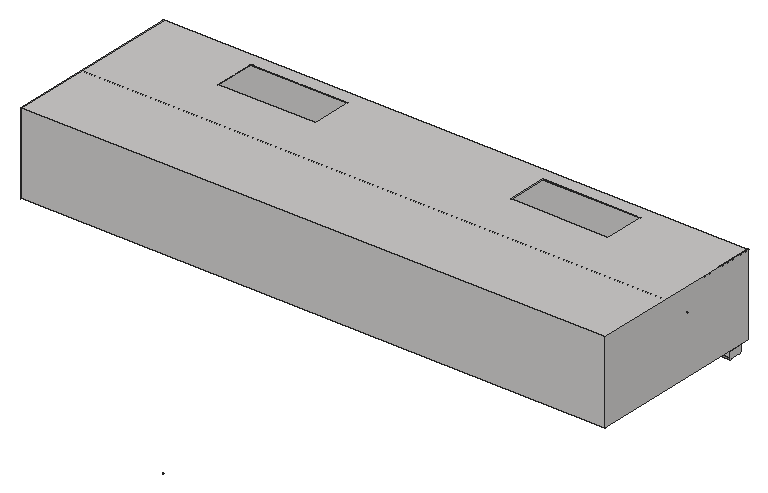
Revit family "QF_ELECTROLUXPROFESSIONAL_642021_EP1136T", category Specialty Equipment, Revit 2014
Reference planes
  plane 1 "Center (Front/Back)": y = 0
  plane 2: z = 0
  plane 3 "Center (Left/Right)": x = 150
  plane 4 "LEFT": x = -1650
  plane 5 "RIGHT": x = 1950
  plane 6 "BACK": y = 550
  plane 7 "FRONT": y = -550
  plane 8 "TOP": z = 2500
  plane 9 "Base": z = 2000
  plane 10: z = 1926
  plane 11 "DrainY": y = 485
  plane 12: x = -1647
  plane 13: through (0, 414.509, 2000.8) normal (0, 0.7314, 0.682)
  plane 14: y = 470
  plane 15: y = 220
  plane 16 "DrainX": x = 1830
  plane 17: x = -450
  plane 18: x = 750
  plane 19: x = -1050
  plane 20: x = 1350
  plane 21: x = 1947
  plane 22: x = 1740
  plane 23: x = 1920
  plane 24: x = -1610
  plane 25: x = -1245
  plane 26: x = -850
  plane 27: x = 1910
  plane 28: x = 1545
  plane 29: x = 1150
  plane 30: x = -47.5
  plane 31: x = 347.5
Forms (mm)
  Extrusion 1, solid, material "QF_Finishes_Stainless Steel"
    sketch origin (-1650, 0, 360) x (0, 1, 0) y (0, 0, 1)
      loop
        line (550, 1640) -> (550, 2140) -> (-550, 2140) -> (-550, 1640) -> (550, 1640)
    from 0 to 3
  Extrusion 2, solid, material "QF_Finishes_Stainless Steel"
    sketch origin (150, 0, 360) x (0, 1, 0) y (0, 0, 1)
      loop
        line (415.255, 1640) -> (550, 1640) -> (550, 2139.19) -> (549.2, 2139.19) -> (549.2, 1640.8) -> (415.876, 1640.8) -> (339.347, 1722.867) -> (349.609, 1732.436) -> (348.927, 1733.167) -> (337.934, 1722.917) -> (415.255, 1640)
      loop
        line (-82.203, 2139.19) -> (-82.203, 2118.6) -> (-31.047, 2118.6) -> (34.354, 2048.466) -> (46.028, 2059.352) -> (45.346, 2060.083) -> (34.403, 2049.879) -> (-30.612, 2119.6) -> (-81.203, 2119.6) -> (-81.203, 2139.19) -> (-82.203, 2139.19)
    from -1797 to 1797
  Extrusion 3, solid, material "QF_Finishes_Stainless Steel"
    sketch origin (1950, 0, 360) x (0, 1, 0) y (0, 0, 1)
      loop
        line (550, 1640) -> (550, 2140) -> (-550, 2140) -> (-550, 1640) -> (550, 1640)
    from 0 to -3
  Extrusion 4, solid, material "QF_Finishes_Stainless Steel"
    sketch origin (150, 0, 360) x (0, 1, 0) y (0, 0, 1)
      loop
        line (-550, 2140) -> (-550, 1640) -> (-549.2, 1640) -> (-549.2, 2139.19) -> (550, 2139.19) -> (550, 2140) -> (-550, 2140)
    from -1800 to 1800
  Extrusion 5, solid, material "QF_Finishes_Stainless Steel"
    sketch origin (150, 0, 360) x (0, 1, 0) y (0, 0, 1)
      loop
        line (534, 1640) -> (436, 1640) -> (436, 1627) -> (443.5, 1627) -> (443.5, 1576)
        arc (443.5, 1576) -> (446.429, 1568.929) -> (453.5, 1566) r 10
        line (453.5, 1566) -> (516.5, 1566)
        arc (516.5, 1566) -> (523.571, 1568.929) -> (526.5, 1576) r 10
        line (526.5, 1576) -> (526.5, 1627) -> (534, 1627) -> (534, 1640)
    from 1590 to 1770
  Extrusion 6, solid, material "QF_Finishes_Stainless Steel"
    sketch origin (0, 0, 2000) x (0, 1, 0) y (-1, 0, 0)
      loop
        circle (485, -1830) r 20
    from -76 to -74
  Extrusion 7, solid, material "QF_Finished_Chrome"
    sketch origin (150, 0, 360) x (0, 1, 0) y (0, 0, 1)
      loop
        line (337.934, 1722.917) -> (341.591, 1726.327) -> (38.011, 2051.876) -> (34.354, 2048.466) -> (337.934, 1722.917)
    from -1395 to -1760
  Extrusion 8, solid, material "QF_Finished_Chrome"
    sketch origin (150, 0, 360) x (0, 1, 0) y (0, 0, 1)
      loop
        line (337.934, 1722.917) -> (341.591, 1726.327) -> (38.011, 2051.876) -> (34.354, 2048.466) -> (337.934, 1722.917)
    from -197.5 to -1000
  Extrusion 9, solid, material "QF_Finishes_Stainless Steel"
    sketch origin (150, 0, 360) x (0, 1, 0) y (0, 0, 1)
      loop
        line (337.934, 1722.917) -> (341.591, 1726.327) -> (38.011, 2051.876) -> (34.354, 2048.466) -> (337.934, 1722.917)
    from 1797 to 1760
  Extrusion 10, solid, material "QF_Finishes_Stainless Steel"
    sketch origin (150, 0, 360) x (0, 1, 0) y (0, 0, 1)
      loop
        line (341.588, 1726.324) -> (38.009, 2051.874) -> (34.354, 2048.466) -> (337.934, 1722.917) -> (341.588, 1726.324)
    from -1395 to -1000
  Extrusion 11, solid, material "QF_Finished_Chrome"
    sketch origin (150, 0, 360) x (0, 1, 0) y (0, 0, 1)
      loop
        line (341.588, 1726.324) -> (38.009, 2051.874) -> (34.354, 2048.466) -> (337.934, 1722.917) -> (341.588, 1726.324)
    from 1395 to 1760
  Extrusion 12, void
    sketch origin (0, 0, 2500) x (0, 1, 0) y (-1, 0, 0)
      loop
        line (470, 1050) -> (220, 1050) -> (220, 450) -> (470, 450) -> (470, 1050)
    from 0 to -10
  Extrusion 13, void
    sketch origin (940, 0, 2500) x (0, 1, 0) y (-1, 0, 0)
      loop
        line (470, 190) -> (220, 190) -> (220, -410) -> (470, -410) -> (470, 190)
    from 0 to -10
  Extrusion 14, solid, material "QF_Finishes_Stainless Steel"
    sketch origin (0, 0, 0) x (1, 0, 0) y (0, 1, 0)
      loop
        line (-1650, 550) -> (-1650, 549) -> (-1649, 549) -> (-1649, 550) -> (-1650, 550)
    from 0 to 1
  Extrusion 15, solid, material "QF_Finishes_Stainless Steel"
    sketch origin (150, 0, 360) x (0, 1, 0) y (0, 0, 1)
      loop
        line (337.934, 1722.917) -> (341.591, 1726.327) -> (38.011, 2051.876) -> (34.354, 2048.466) -> (337.934, 1722.917)
    from -1760 to -1797
  Extrusion 16, solid, material "QF_Finishes_Stainless Steel"
    sketch origin (150, 0, 360) x (0, 1, 0) y (0, 0, -1)
      loop
        line (341.588, -1726.324) -> (337.934, -1722.917) -> (34.354, -2048.466) -> (38.009, -2051.874) -> (341.588, -1726.324)
    from -1395 to -1000
  Extrusion 17, solid, material "QF_Finished_Chrome"
    sketch origin (150, 0, 360) x (0, 1, 0) y (0, 0, 1)
      loop
        line (337.934, 1722.917) -> (341.591, 1726.327) -> (38.011, 2051.876) -> (34.354, 2048.466) -> (337.934, 1722.917)
    from 1000 to 197.5
  Extrusion 18, solid, material "QF_Finishes_Stainless Steel"
    sketch origin (150, 0, 360) x (0, 1, 0) y (0, 0, -1)
      loop
        line (341.588, -1726.324) -> (337.934, -1722.917) -> (34.354, -2048.466) -> (38.009, -2051.874) -> (341.588, -1726.324)
    from -197.5 to 197.5
Cuts and joins
  Extrusion 12, Extrusion 13 cuts Extrusion 4
  joined: Extrusion 2, Extrusion 4
Lines and regions (mm)
  reference lines
    curve 1: line (150, 34.354, 2408.466) -> (150, 34.354, 2248.466)
  symbolic lines, style "SpecialityEquipment", detail levels coarse
    curve 2: line (1950, 550, 2500) -> (-1650, 550, 2500)
    curve 3: line (-1650, 550, 2500) -> (-1650, -550, 2500)
    curve 4: line (1950, -550, 2500) -> (1950, 550, 2500)
    curve 5: line (-1650, -550, 2500) -> (1950, -550, 2500)
    curve 6: line (-1050, 220, 2500) -> (-450, 220, 2500)
    curve 7: line (-1050, 470, 2500) -> (-1050, 220, 2500)
    curve 8: line (-450, 470, 2500) -> (-1050, 470, 2500)
    curve 9: line (-450, 220, 2500) -> (-450, 470, 2500)
    curve 10: line (750, 470, 2500) -> (750, 220, 2500)
    curve 11: line (750, 220, 2500) -> (1350, 220, 2500)
    curve 12: line (1350, 470, 2500) -> (750, 470, 2500)
    curve 13: line (1350, 220, 2500) -> (1350, 470, 2500)
    curve 14: line (-1650, 550, 0) -> (1950, -550, 0)
    curve 15: line (1950, 550, 0) -> (-1650, -550, 0)
Dimensions and locks
  plane 4 "LEFT" to plane 5 "RIGHT" = 3600 mm
  equal spacing: plane 4 "LEFT", plane 3 "Center (Left/Right)", plane 5 "RIGHT"
  plane 9 "Base" to plane 10 = 74 mm
  plane 6 "BACK" to plane 11 "DrainY" = 65 mm  (x2)
  plane 4 "LEFT" to plane 12 = 3 mm
  plane 6 "BACK" to plane 14 = 80 mm
  plane 14 to plane 15 = 250 mm  (x2)
  plane 16 "DrainX" to plane 5 "RIGHT" = 120 mm
  locked: plane 17 to plane 18 at 1200
  equal spacing: plane 17, plane 3 "Center (Left/Right)", plane 18
  plane 19 to plane 17 = 600 mm
  plane 18 to plane 20 = 600 mm
  plane 21 to plane 5 "RIGHT" = 3 mm
  locked: plane 22 to plane 16 "DrainX" at 90
  locked: plane 16 "DrainX" to plane 23 at 90
  plane 6 "BACK" to plane 7 "FRONT" = 1100 mm  (x2)
  equal spacing: plane 6 "BACK", plane 1 "Center (Front/Back)", plane 7 "FRONT"
  plane 15 to plane 7 "FRONT" = 770 mm
  plane 14 to plane 6 "BACK" = 80 mm
  locked: plane 4 "LEFT" to plane 24 at 40
  locked: plane 24 to plane 25 at 365
  locked: plane 25 to plane 26 at 395
  locked: plane 27 to plane 28 at 365
  locked: plane 28 to plane 29 at 395
  locked: plane 27 to plane 5 "RIGHT" at 40
  locked: plane 30 to plane 31 at 395
  equal spacing: plane 30, plane 3 "Center (Left/Right)", plane 31
  plane 26 to plane 30 = 802.5 mm
  plane 31 to plane 29 = 802.5 mm
  locked: plane 9 "Base" to level at 2000
  locked: plane 8 "TOP" to plane 9 "Base" at 500
  aligned and locked: level to plane 2
  aligned and locked: Extrusion 2 to Extrusion 1
  aligned and locked: Extrusion 2 to Extrusion 3
  aligned and locked: plane 5 "RIGHT" to Extrusion 4
  aligned and locked: Extrusion 4 to plane 4 "LEFT"
  aligned and locked: plane 21 to Extrusion 9
  aligned and locked: plane 19 to Extrusion 12
  aligned and locked: Extrusion 12 to plane 17
  aligned and locked: Extrusion 12 to plane 15
  aligned and locked: Extrusion 12 to plane 14
  aligned and locked: Extrusion 13 to plane 20
  aligned and locked: plane 18 to Extrusion 13
  aligned and locked: Extrusion 2 to Extrusion 4
  aligned and locked: plane 23 to Extrusion 5
  aligned and locked: Extrusion 5 to plane 22
  aligned and locked: Extrusion 9 to plane 27
  aligned and locked: Extrusion 11 to plane 27
  aligned and locked: Extrusion 11 to plane 28
  aligned and locked: Extrusion 8 to plane 26
  aligned and locked: plane 26 to Extrusion 10
  aligned and locked: Extrusion 10 to plane 25
  aligned and locked: plane 25 to Extrusion 7
  aligned and locked: Extrusion 7 to plane 24
  aligned and locked: Extrusion 15 to plane 12
  aligned and locked: plane 24 to Extrusion 15
  aligned and locked: Extrusion 16 to plane 29
  aligned and locked: Extrusion 16 to plane 28
  aligned and locked: Extrusion 3 to plane 21
  aligned and locked: plane 30 to Extrusion 8
  aligned and locked: Extrusion 17 to plane 29
  aligned and locked: Extrusion 17 to plane 31
  aligned and locked: plane 31 to Extrusion 18
  aligned and locked: Extrusion 18 to plane 30
Automatic sketch dimensions
  curve 5 to plane 4 "LEFT" = 0 mm
  curve 5 to plane 7 "FRONT" = 0 mm
  curve 9 to plane 15 = 0 mm
  curve 10 to plane 15 = 0 mm
  plane 14 to curve 8 = 0 mm
  plane 14 to curve 12 = 0 mm
  curve 3 to plane 6 "BACK" = 0 mm
  curve 5 to plane 5 "RIGHT" = 0 mm
  curve 11 to plane 20 = 0 mm
  curve 10 to plane 18 = 0 mm
  curve 6 to plane 17 = 0 mm
  curve 6 to plane 19 = 0 mm
  Extrusion 1 sketch curve to plane 9 "Base" = 0 mm
  Extrusion 1 sketch curve to plane 6 "BACK" = 0 mm
  Extrusion 1 sketch curve to plane 8 "TOP" = 0 mm
  Extrusion 2 sketch curve to plane 13 = 0 mm  (x3)
  Extrusion 2 sketch curve to plane 9 "Base" = 0 mm
  plane 13 to Extrusion 2 sketch curve = 0 mm
  Extrusion 2 sketch curve to plane 6 "BACK" = 0 mm
  Extrusion 2 sketch curve to Extrusion 2 sketch curve = 65.646 mm
  Extrusion 2 sketch curve to Extrusion 2 sketch curve = 0.682 mm  (x2)
  Extrusion 2 sketch curve to Extrusion 2 sketch curve = 10.261 mm
  plane 9 "Base" to Extrusion 2 sketch curve = 82.917 mm
  Extrusion 2 sketch curve to plane 1 "Center (Front/Back)" = 46.028 mm
  Extrusion 2 sketch curve to Extrusion 2 sketch curve = 10.942 mm
  Extrusion 2 sketch curve to Extrusion 2 sketch curve = 0.049 mm
  Extrusion 2 sketch curve to plane 8 "TOP" = 20.4 mm
  Extrusion 2 sketch curve to plane 8 "TOP" = 21.4 mm
  Extrusion 2 sketch curve to plane 8 "TOP" = 0.81 mm  (x2)
  Extrusion 2 sketch curve to Extrusion 2 sketch curve = 50.156 mm
  Extrusion 2 sketch curve to Extrusion 2 sketch curve = 1 mm
  plane 9 "Base" to Extrusion 2 sketch curve = 0.8 mm
  Extrusion 2 sketch curve to plane 6 "BACK" = 0.8 mm
  Extrusion 3 sketch curve to plane 9 "Base" = 0 mm
  Extrusion 3 sketch curve to plane 6 "BACK" = 0 mm
  Extrusion 3 sketch curve to plane 8 "TOP" = 0 mm
  Extrusion 4 sketch curve to plane 7 "FRONT" = 0 mm
  Extrusion 4 sketch curve to plane 6 "BACK" = 0 mm
  Extrusion 4 sketch curve to plane 8 "TOP" = 0 mm
  plane 7 "FRONT" to Extrusion 4 sketch curve = 0.8 mm
  Extrusion 4 sketch curve to plane 8 "TOP" = 0.81 mm
  curve 1 to plane 13 = 0 mm
  curve 1 to plane 1 "Center (Front/Back)" = 34.354 mm
  Extrusion 5 sketch curve to plane 9 "Base" = 0 mm
  Extrusion 5 sketch curve to plane 10 = 0 mm
  Extrusion 5 sketch curve to plane 9 "Base" = 13 mm  (x2)
  plane 14 to Extrusion 5 sketch curve = 34 mm
  Extrusion 5 sketch curve to Extrusion 5 sketch curve = 7.5 mm  (x2)
  Extrusion 5 sketch curve to Extrusion 5 sketch curve = 10 mm
  plane 11 "DrainY" to Extrusion 5 sketch curve = 31.5 mm
  Extrusion 5 sketch curve to plane 6 "BACK" = 23.5 mm
  Extrusion 6 sketch curve to plane 11 "DrainY" = 0 mm
  Extrusion 6 sketch curve to plane 16 "DrainX" = 0 mm
  Extrusion 7 sketch curve to plane 13 = 0 mm  (x2)
  Extrusion 7 sketch curve to plane 1 "Center (Front/Back)" = 34.354 mm
  Extrusion 7 sketch curve to Extrusion 7 sketch curve = 3.657 mm
  plane 9 "Base" to Extrusion 7 sketch curve = 82.917 mm
  Extrusion 8 sketch curve to plane 13 = 0 mm  (x2)
  Extrusion 8 sketch curve to plane 1 "Center (Front/Back)" = 34.354 mm
  Extrusion 8 sketch curve to Extrusion 8 sketch curve = 3.657 mm
  plane 9 "Base" to Extrusion 8 sketch curve = 82.917 mm
  Extrusion 9 sketch curve to plane 13 = 0 mm  (x2)
  Extrusion 9 sketch curve to plane 1 "Center (Front/Back)" = 34.354 mm
  Extrusion 9 sketch curve to Extrusion 9 sketch curve = 3.657 mm
  plane 9 "Base" to Extrusion 9 sketch curve = 82.917 mm
  Extrusion 10 sketch curve to plane 13 = 0 mm  (x2)
  Extrusion 10 sketch curve to plane 1 "Center (Front/Back)" = 34.354 mm
  Extrusion 10 sketch curve to Extrusion 10 sketch curve = 3.655 mm
  plane 9 "Base" to Extrusion 10 sketch curve = 82.917 mm
  Extrusion 11 sketch curve to plane 13 = 0 mm  (x2)
  Extrusion 11 sketch curve to plane 1 "Center (Front/Back)" = 34.354 mm
  Extrusion 11 sketch curve to Extrusion 11 sketch curve = 3.655 mm
  plane 9 "Base" to Extrusion 11 sketch curve = 82.917 mm
  Extrusion 12 sketch curve to plane 15 = 0 mm
  plane 14 to Extrusion 12 sketch curve = 0 mm
  Extrusion 12 sketch curve to plane 17 = 0 mm
  Extrusion 12 sketch curve to plane 19 = 0 mm
  Extrusion 13 sketch curve to plane 15 = 0 mm
  plane 14 to Extrusion 13 sketch curve = 0 mm
  Extrusion 13 sketch curve to plane 20 = 0 mm
  Extrusion 13 sketch curve to plane 18 = 0 mm
  Extrusion 14 sketch curve to plane 4 "LEFT" = 0 mm
  Extrusion 14 sketch curve to plane 6 "BACK" = 0 mm
  plane 4 "LEFT" to Extrusion 14 sketch curve = 1 mm
  Extrusion 14 sketch curve to Extrusion 14 sketch curve = 1 mm
  Extrusion 15 sketch curve to plane 13 = 0 mm  (x2)
  Extrusion 15 sketch curve to plane 1 "Center (Front/Back)" = 34.354 mm
  Extrusion 15 sketch curve to Extrusion 15 sketch curve = 3.657 mm
  plane 9 "Base" to Extrusion 15 sketch curve = 82.917 mm
  Extrusion 16 sketch curve to plane 13 = 0 mm  (x2)
  Extrusion 16 sketch curve to plane 1 "Center (Front/Back)" = 34.354 mm
  Extrusion 16 sketch curve to Extrusion 16 sketch curve = 3.655 mm
  plane 9 "Base" to Extrusion 16 sketch curve = 82.917 mm
  Extrusion 17 sketch curve to plane 13 = 0 mm  (x2)
  Extrusion 17 sketch curve to plane 1 "Center (Front/Back)" = 34.354 mm
  Extrusion 17 sketch curve to Extrusion 17 sketch curve = 3.657 mm
  plane 9 "Base" to Extrusion 17 sketch curve = 82.917 mm
  Extrusion 18 sketch curve to plane 13 = 0 mm  (x2)
  Extrusion 18 sketch curve to plane 1 "Center (Front/Back)" = 34.354 mm
  Extrusion 18 sketch curve to Extrusion 18 sketch curve = 3.655 mm
  plane 9 "Base" to Extrusion 18 sketch curve = 82.917 mm
  Extrusion 4 sketch curve to Extrusion 4 sketch curve = 499.19 mm
  curve 1 to curve 1 = 160 mm
  Extrusion 1 sketch curve to plane 7 "FRONT" = 0 mm
  Extrusion 3 sketch curve to plane 7 "FRONT" = 0 mm
  curve 15 to plane 4 "LEFT" = 0 mm
  curve 14 to plane 4 "LEFT" = 0 mm
  curve 15 to plane 5 "RIGHT" = 0 mm
  curve 14 to plane 5 "RIGHT" = 0 mm
  curve 14 to plane 7 "FRONT" = 0 mm
  curve 15 to plane 7 "FRONT" = 0 mm
  curve 15 to plane 6 "BACK" = 0 mm
  curve 14 to plane 6 "BACK" = 0 mm
  radius of Extrusion 6 sketch curve = 20 mm
Connectors
  piping at (1830, 485, 1924), diameter 20
    settings: on Extrusion 6, index 1, connector inside diameter 609.6 mm, connector length 0 mm, flow factor 0, pipe flow 0.0 L/s, pressure drop 0.0 Pa, fitting loss kfactor 0, connector angle 0.00°, fixture units 0, engagement length 0 mm, angle of deflection 0.00°, flow configuration 1, flow direction 2, fitting loss method 0, system type 16, joint type 0, gender type 0, connector reference index -1, connector utility 0, adjustable connector no, is connector primary yes, connector description "Drain"
  hvac at (-750, 345, 2500)
    settings: on Extrusion 12, index 2, duct flow 0.0 L/s, flow factor 0, pres drop 0.0 Pa, loss coef 0, conn angle 0.00°, conn width 250 mm, conn height 600 mm, conn diameter 609.6 mm, duct sys type 3, conn prof type 1, flow config 1, flow direction 0, loss method 0, conn ref index -1, conn util no, is conn primary yes, conn desc "EXHAUST OUTLET"
  hvac at (1050, 345, 2500)
    settings: on Extrusion 13, index 3, duct flow 0.0 L/s, flow factor 0, pres drop 0.0 Pa, loss coef 0, conn angle 0.00°, conn width 250 mm, conn height 600 mm, conn diameter 609.6 mm, duct sys type 3, conn prof type 1, flow config 1, flow direction 0, loss method 0, conn ref index -1, conn util no, is conn primary no, conn desc "EXHAUST OUTLET"
